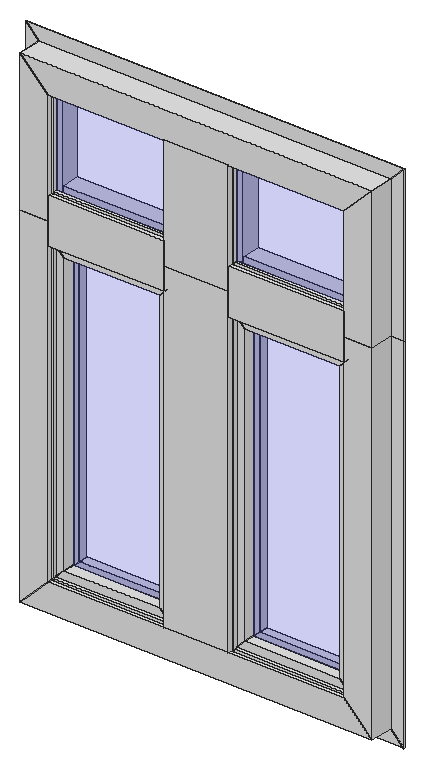
Revit family "511_CC-UT_nailfin", category Windows, host Wall, Revit 2016 (continued)
Automatic sketch dimensions
  Extrusion 26 sketch curve to Extrusion 26 sketch curve = 0.19135"
  Extrusion 26 sketch curve to plane 4 "Right" = 3 1/4"
  plane 5 "Sill" to Extrusion 26 sketch curve = 3 1/4"
  plane 18 to Extrusion 26 sketch curve = 0.406"
  plane 18 to Extrusion 26 sketch curve = 0.18315"
  Extrusion 26 sketch curve to plane 18 = 1.03971"
  plane 3 "Left" to Extrusion 27 sketch curve = 3.17911"
  plane 14 to Extrusion 27 sketch curve = 0.313"
  plane 25 to Extrusion 27 sketch curve = 0.1865"
  Extrusion 27 sketch curve to plane 26 = 0.55688"
  plane 5 "Sill" to Extrusion 27 sketch curve = 3.17911"
  plane 18 to Extrusion 27 sketch curve = 0.406"
  plane 18 to Extrusion 27 sketch curve = 0.1865"
  Extrusion 27 sketch curve to plane 18 = 1.05688"
  plane 3 "Left" to Extrusion 28 sketch curve = 2.42525"
  plane 14 to Extrusion 28 sketch curve = 0.313"
  plane 25 to Extrusion 28 sketch curve = 0.1865"
  Extrusion 28 sketch curve to plane 26 = 0.3135"
  plane 5 "Sill" to Extrusion 28 sketch curve = 2.42525"
  plane 18 to Extrusion 28 sketch curve = 0.406"
  plane 18 to Extrusion 28 sketch curve = 0.1865"
  Extrusion 28 sketch curve to plane 18 = 0.8135"
  plane 3 "Left" to Extrusion 29 sketch curve = 2.82654"
  plane 14 to Extrusion 29 sketch curve = 0.313"
  plane 25 to Extrusion 29 sketch curve = 0.1865"
  Extrusion 29 sketch curve to plane 26 = 0.42889"
  plane 21 to Extrusion 29 sketch curve = 1.64689"
  plane 21 to Extrusion 29 sketch curve = 0.5315"
  Extrusion 29 sketch curve to Extrusion 29 sketch curve = 0.2195"
  Extrusion 29 sketch curve to plane 6 "Head" = 2.82654"
  plane 3 "Left" to Extrusion 30 sketch curve = 2.83647"
  plane 14 to Extrusion 30 sketch curve = 0.313"
  plane 25 to Extrusion 30 sketch curve = 0.1865"
  Extrusion 30 sketch curve to plane 26 = 0.19352"
  plane 21 to Extrusion 30 sketch curve = 1.41152"
  plane 21 to Extrusion 30 sketch curve = 0.5315"
  Extrusion 30 sketch curve to Extrusion 30 sketch curve = 0.2195"
  Extrusion 30 sketch curve to plane 6 "Head" = 2.83647"
  plane 29 to Extrusion 31 sketch curve = 0.41202"
  Extrusion 31 sketch curve to plane 24 = 0.1855"
  Extrusion 31 sketch curve to Extrusion 31 sketch curve = 0.188"
  Extrusion 31 sketch curve to plane 4 "Right" = 1.71815"
  plane 21 to Extrusion 31 sketch curve = 1.63002"
  plane 21 to Extrusion 31 sketch curve = 0.5315"
  Extrusion 31 sketch curve to Extrusion 31 sketch curve = 0.2195"
  Extrusion 31 sketch curve to plane 6 "Head" = 1.71815"
  plane 29 to Extrusion 32 sketch curve = 0.39638"
  Extrusion 32 sketch curve to plane 24 = 0.18415"
  Extrusion 32 sketch curve to Extrusion 32 sketch curve = 0.18935"
  Extrusion 32 sketch curve to plane 4 "Right" = 2.72703"
  plane 21 to Extrusion 32 sketch curve = 1.61438"
  plane 21 to Extrusion 32 sketch curve = 0.53285"
  Extrusion 32 sketch curve to Extrusion 32 sketch curve = 0.22085"
  Extrusion 32 sketch curve to plane 6 "Head" = 2.72703"
  Extrusion 40 sketch curve to Extrusion 40 sketch curve = 0.075"
  plane 30 "Front of glass" to Extrusion 40 sketch curve = 0.59594"
  Extrusion 40 sketch curve to Extrusion 40 sketch curve = 0.28406"
  Extrusion 40 sketch curve to plane 3 "Left" = 0.02"
  Extrusion 40 sketch curve to Extrusion 40 sketch curve = 0.04289"
  Extrusion 40 sketch curve to Extrusion 40 sketch curve = 0.14511"
  Extrusion 40 sketch curve to plane 3 "Left" = 0.56819"
  Extrusion 40 sketch curve to Extrusion 40 sketch curve = 1/8"
  plane 25 to Extrusion 40 sketch curve = 0.1865"  (x2)
  Extrusion 40 sketch curve to host wall = 0.68"
  Extrusion 40 sketch curve to Extrusion 40 sketch curve = 0.2505"
  plane 3 "Left" to Extrusion 40 sketch curve = 0.02"
  Extrusion 40 sketch curve to Extrusion 40 sketch curve = 0.08391"
  Extrusion 42 sketch curve to Extrusion 42 sketch curve = 0.075"
  Extrusion 42 sketch curve to plane 24 = 0.18415"  (x2)
  plane 30 "Front of glass" to Extrusion 42 sketch curve = 0.59594"
  Extrusion 42 sketch curve to Extrusion 42 sketch curve = 0.28406"
  plane 4 "Right" to Extrusion 42 sketch curve = 0.02"
  Extrusion 42 sketch curve to Extrusion 42 sketch curve = 0.02856"
  Extrusion 42 sketch curve to plane 4 "Right" = 0.02"
  Extrusion 42 sketch curve to Extrusion 42 sketch curve = 0.15944"
  plane 4 "Right" to Extrusion 42 sketch curve = 0.56819"
  Extrusion 42 sketch curve to Extrusion 42 sketch curve = 1/8"
  Extrusion 42 sketch curve to host wall = 0.68"
  Extrusion 42 sketch curve to Extrusion 42 sketch curve = 0.2505"
  Extrusion 42 sketch curve to Extrusion 42 sketch curve = 0.08391"
  Extrusion 43 sketch curve to plane 30 "Front of glass" = 0"
  Extrusion 43 sketch curve to Extrusion 43 sketch curve = 3/8"
  Extrusion 43 sketch curve to Extrusion 43 sketch curve = 0.3"
  Extrusion 43 sketch curve to Extrusion 43 sketch curve = 0.075"
  plane 30 "Front of glass" to Extrusion 43 sketch curve = 0.03797"
  Extrusion 43 sketch curve to Extrusion 43 sketch curve = 0.74004"
  plane 30 "Front of glass" to Extrusion 43 sketch curve = 0.818"
  Extrusion 43 sketch curve to Extrusion 43 sketch curve = 0.062"
  Extrusion 43 sketch curve to Extrusion 43 sketch curve = 0.02856"
  Extrusion 43 sketch curve to plane 5 "Sill" = 0.02"
  Extrusion 43 sketch curve to Extrusion 43 sketch curve = 0.15944"
  plane 5 "Sill" to Extrusion 43 sketch curve = 0.02"
  Extrusion 43 sketch curve to Extrusion 43 sketch curve = 1/8"
  Extrusion 43 sketch curve to Extrusion 43 sketch curve = 0.54819"
  Extrusion 43 sketch curve to Extrusion 43 sketch curve = 0.05259"
  plane 18 to Extrusion 43 sketch curve = 0.218"
  plane 18 to Extrusion 43 sketch curve = 1/8"
  Extrusion 43 sketch curve to plane 18 = 0.43809"
  Extrusion 43 sketch curve to Extrusion 43 sketch curve = 0.02423"
  Extrusion 43 sketch curve to plane 18 = 1/2"
  Extrusion 44 sketch curve to plane 30 "Front of glass" = 0"
  Extrusion 44 sketch curve to Extrusion 44 sketch curve = 3/8"  (x2)
  Extrusion 44 sketch curve to Extrusion 44 sketch curve = 0.2505"
  Extrusion 44 sketch curve to Extrusion 44 sketch curve = 0.3"
  Extrusion 44 sketch curve to host wall = 0.4875"
  plane 30 "Front of glass" to Extrusion 44 sketch curve = 0.038"
  plane 30 "Front of glass" to Extrusion 44 sketch curve = 0.59594"
  Extrusion 44 sketch curve to plane 19 = 1/8"
  plane 30 "Front of glass" to Extrusion 44 sketch curve = 0.77801"
  Extrusion 44 sketch curve to plane 10 "HBS" = 0.18189"
  Extrusion 44 sketch curve to Extrusion 44 sketch curve = 0.22206"
  plane 10 "HBS" to Extrusion 44 sketch curve = 0.14043"
  Extrusion 44 sketch curve to Extrusion 44 sketch curve = 0.295"
  plane 19 to Extrusion 44 sketch curve = 0.438"
  Extrusion 44 sketch curve to Extrusion 44 sketch curve = 0.0243"
  plane 19 to Extrusion 44 sketch curve = 1/2"
  Extrusion 44 sketch curve to Extrusion 44 sketch curve = 0.188"  (x2)
  plane 10 "HBS" to Extrusion 44 sketch curve = 0.2151"
  Extrusion 44 sketch curve to plane 20 = 0.50535"
  Extrusion 45 sketch curve to host wall = 0"
  Extrusion 45 sketch curve to Extrusion 45 sketch curve = 3/8"
  Extrusion 45 sketch curve to Extrusion 45 sketch curve = 0.2505"
  Extrusion 45 sketch curve to Extrusion 45 sketch curve = 0.7445"
  host wall to Extrusion 45 sketch curve = 0.075"
  plane 30 "Front of glass" to Extrusion 45 sketch curve = 0.59587"
  Extrusion 45 sketch curve to Extrusion 45 sketch curve = 0.28413"
  Extrusion 45 sketch curve to Extrusion 45 sketch curve = 0.03464"
  plane 6 "Head" to Extrusion 45 sketch curve = 0.02"
  Extrusion 45 sketch curve to Extrusion 45 sketch curve = 0.15336"
  Extrusion 45 sketch curve to plane 6 "Head" = 0.02"
  Extrusion 45 sketch curve to Extrusion 45 sketch curve = 1/8"
  Extrusion 45 sketch curve to Extrusion 45 sketch curve = 0.188"
  plane 21 to Extrusion 45 sketch curve = 0.50321"
  plane 6 "Head" to Extrusion 45 sketch curve = 0.65211"
  Extrusion 45 sketch curve to Extrusion 45 sketch curve = 0.54819"
  plane 28 to curve 34 = 0"
  plane 27 to curve 33 = 0"
  plane 27 to curve 32 = 0"
  plane 28 to curve 35 = 0"
  curve 40 to curve 42 = 2 1/2"
  curve 41 to curve 42 = 2 1/2"
  curve 41 to curve 40 = 2 1/2"
  curve 42 to curve 40 = 2 1/2"
  curve 36 to curve 43 = 1 1/2"
  curve 44 to curve 36 = 2 1/2"
  curve 49 to curve 51 = 2 1/2"
  curve 50 to curve 49 = 2 1/2"
  curve 49 to curve 51 = 0"
  curve 51 to curve 49 = 2 1/2"
  curve 45 to curve 52 = 1 1/2"
  curve 53 to curve 45 = 2 1/2"
  plane 27 to curve 56 = 0"
  curve 57 to plane 27 = 0"
  plane 28 to curve 55 = 0"
  curve 54 to plane 28 = 0"
  curve 58 to curve 62 = 2 1/2"
  curve 63 to curve 58 = 2"
  curve 66 to curve 65 = 0"
  curve 67 to curve 71 = 2 1/2"
  curve 72 to curve 70 = 2"
  curve 75 to curve 74 = 0"
  Extrusion 41 sketch curve to Extrusion 41 sketch curve = 3/8"  (x2)
  plane 22 to Extrusion 41 sketch curve = 0.18888"
  Extrusion 41 sketch curve to Extrusion 41 sketch curve = 0.2505"  (x2)
  Extrusion 41 sketch curve to plane 23 = 0.18177"  (x2)
  plane 30 "Front of glass" to Extrusion 41 sketch curve = 0.59594"  (x2)
  plane 22 to Extrusion 41 sketch curve = 0.18553"
  Extrusion 41 sketch curve to Extrusion 41 sketch curve = 0.59706"
  Extrusion 41 sketch curve to plane 2 "Center (Left/Right)" = 1.0271"
  Extrusion 41 sketch curve to Extrusion 41 sketch curve = 0.08391"  (x2)
  Extrusion 41 sketch curve to host wall = 0.68"  (x2)
  Extrusion 40 sketch curve to Extrusion 40 sketch curve = 0.6255"
  Extrusion 42 sketch curve to plane 17 = 0.02"
  Extrusion 42 sketch curve to Extrusion 42 sketch curve = 0.7445"
  Extrusion 2 sketch curve to host wall = 0.4875"  (x2)
  Extrusion 1 sketch curve to host wall = 0.4875"
  Extrusion 3 sketch curve to plane 30 "Front of glass" = 0"
  Extrusion 3 sketch curve to plane 29 = 0"
  plane 30 "Front of glass" to Extrusion 3 sketch curve = 0.038"
  Extrusion 3 sketch curve to plane 24 = 0.09637"
  plane 30 "Front of glass" to Extrusion 3 sketch curve = 0.77801"
  Extrusion 3 sketch curve to plane 24 = 0.124"
  Extrusion 3 sketch curve to Extrusion 3 sketch curve = 0.03999"
  Extrusion 3 sketch curve to Extrusion 3 sketch curve = 0.062"
  plane 4 "Right" to Extrusion 3 sketch curve = 0.02"
  Extrusion 3 sketch curve to Extrusion 3 sketch curve = 0.03464"
  Extrusion 3 sketch curve to plane 4 "Right" = 0.02"
  Extrusion 3 sketch curve to Extrusion 3 sketch curve = 0.15336"
  plane 4 "Right" to Extrusion 3 sketch curve = 0.56819"
  Extrusion 3 sketch curve to Extrusion 3 sketch curve = 3/8"
  host wall to Extrusion 3 sketch curve = 0.075"
  Extrusion 3 sketch curve to plane 24 = 0.1855"
  Extrusion 3 sketch curve to Extrusion 3 sketch curve = 0.675"
  Extrusion 3 sketch curve to Extrusion 3 sketch curve = 0.3"
  Extrusion 3 sketch curve to plane 29 = 0.0377"
  Extrusion 3 sketch curve to plane 29 = 0.062"
  Extrusion 3 sketch curve to Extrusion 3 sketch curve = 0.0527"
  Extrusion 3 sketch curve to Extrusion 3 sketch curve = 0.7445"
  Extrusion 43 sketch curve to host wall = 0.4875"
  Extrusion 44 sketch curve to Extrusion 44 sketch curve = 0.7445"
  Extrusion 50 sketch curve to Extrusion 50 sketch curve = 0.7445"
  Extrusion 49 sketch curve to plane 30 "Front of glass" = 0"
  Extrusion 48 sketch curve to plane 30 "Front of glass" = 0"
  Extrusion 47 sketch curve to Extrusion 47 sketch curve = 0.7445"
  Extrusion 47 sketch curve to host wall = 0.68"
Types (60): name | VBS | MLW3 | MLH | Interior Color | Height | HBS | Exterior Color | Width | CH
  (no name) | 15" | 1 1/2" | 15" | White | 42" | 12" | White | 30" | 30"
  36x48 | 18" | 2 1/4" | 15" | none | 48" | 18" | none | 36" | 60"
  72x96Max | 36" | 4 1/2" | 30" | none | 96" | 36" | none | 72" | 60"
  27x31.75Min | 13 1/2" | 1 1/2" | 9 7/8" | none | 31 3/4" | 12" | none | 27" | 60"
  48x60 | 24" | 2 1/4" | 21" | none | 60" | 18" | none | 48" | 42"
  60x72 | 30" | 2 1/4" | 27" | none | 72" | 18" | none | 60" | 54"
  30x36 | 15" | 1 1/2" | 12" | none | 36" | 12" | none | 30" | 60"
  30x42 | 15" | 1 1/2" | 15" | White | 42" | 12" | White | 30" | 30"
  30x48 | 15" | 1 1/2" | 18" | none | 48" | 12" | none | 30" | 60"
  30x54 | 15" | 2 1/4" | 18" | none | 54" | 18" | none | 30" | 60"
  30x60 | 15" | 2 1/4" | 21" | none | 60" | 18" | none | 30" | 60"
  30x66 | 15" | 2 1/4" | 24" | none | 66" | 18" | none | 30" | 60"
  36x36 | 18" | 1 1/2" | 12" | none | 36" | 12" | none | 36" | 60"
  36x42 | 18" | 1 1/2" | 15" | none | 42" | 12" | none | 36" | 60"
  36x54 | 18" | 2 1/4" | 18" | none | 54" | 18" | none | 36" | 60"
  36x60 | 18" | 2 1/4" | 21" | none | 60" | 18" | none | 36" | 60"
  36x66 | 18" | 2 1/4" | 24" | none | 66" | 18" | none | 36" | 60"
  36x72 | 18" | 2 1/4" | 27" | none | 72" | 18" | none | 36" | 60"
  42x36 | 21" | 1 1/2" | 12" | none | 36" | 12" | none | 42" | 60"
  42x42 | 21" | 1 1/2" | 15" | none | 42" | 12" | none | 42" | 60"
  42x48 | 21" | 1 1/2" | 18" | none | 48" | 12" | none | 42" | 60"
  42x54 | 21" | 2 1/4" | 18" | none | 54" | 18" | none | 42" | 60"
  42x60 | 21" | 2 1/4" | 21" | none | 60" | 18" | none | 42" | 60"
  42x66 | 21" | 2 1/4" | 24" | none | 66" | 18" | none | 42" | 60"
  42x72 | 21" | 2 1/4" | 27" | none | 72" | 18" | none | 42" | 60"
  42x78 | 21" | 2 1/4" | 30" | none | 78" | 18" | none | 42" | 60"
  48x42 | 24" | 1 1/2" | 15" | none | 42" | 12" | none | 48" | 30"
  48x48 | 24" | 1 1/2" | 18" | none | 48" | 12" | none | 48" | 36"
  48x54 | 24" | 1 1/2" | 21" | none | 54" | 12" | none | 48" | 42"
  48x66 | 24" | 2 1/4" | 24" | none | 66" | 18" | none | 48" | 48"
  48x72 | 24" | 2 1/4" | 27" | none | 72" | 18" | none | 48" | 54"
  48x78 | 24" | 2 1/4" | 30" | none | 78" | 18" | none | 48" | 60"
  48x84 | 24" | 2 1/4" | 33" | none | 84" | 18" | none | 48" | 66"
  54x48 | 27" | 1 1/2" | 18" | none | 48" | 12" | none | 54" | 36"
  54x54 | 27" | 1 1/2" | 21" | none | 54" | 12" | none | 54" | 42"
  54x60 | 27" | 1 1/2" | 24" | none | 60" | 12" | none | 54" | 48"
  54x66 | 27" | 2 1/4" | 24" | none | 66" | 18" | none | 54" | 48"
  54x72 | 27" | 2 1/4" | 27" | none | 72" | 18" | none | 54" | 54"
  54x78 | 27" | 2 1/4" | 30" | none | 78" | 18" | none | 54" | 60"
  54x84 | 27" | 2 1/4" | 33" | none | 84" | 18" | none | 54" | 66"
  54x90 | 27" | 2 1/4" | 36" | none | 90" | 18" | none | 54" | 72"
  60x54 | 30" | 1 1/2" | 21" | none | 54" | 12" | none | 60" | 42"
  60x60 | 30" | 1 1/2" | 24" | none | 60" | 12" | none | 60" | 48"
  60x66 | 30" | 2 1/4" | 24" | none | 66" | 18" | none | 60" | 48"
  60x78 | 30" | 2 1/4" | 30" | none | 78" | 18" | none | 60" | 60"
  60x84 | 30" | 2 1/4" | 33" | none | 84" | 18" | none | 60" | 66"
  60x90 | 30" | 2 1/4" | 36" | none | 90" | 18" | none | 60" | 72"
  60x96 | 30" | 3" | 36" | none | 96" | 24" | none | 60" | 72"
  66x60 | 33" | 1 1/2" | 24" | none | 60" | 12" | none | 66" | 48"
  66x66 | 33" | 1 1/2" | 27" | none | 66" | 12" | none | 66" | 54"
  66x72 | 33" | 2 1/4" | 27" | none | 72" | 18" | none | 66" | 54"
  66x78 | 33" | 2 1/4" | 30" | none | 78" | 18" | none | 66" | 60"
  66x84 | 33" | 3" | 30" | none | 84" | 24" | none | 66" | 60"
  66x90 | 33" | 3 3/4" | 30" | none | 90" | 30" | none | 66" | 60"
  66x96 | 33" | 4 1/2" | 30" | none | 96" | 36" | none | 66" | 60"
  72x66 | 36" | 1 1/2" | 27" | none | 66" | 12" | none | 72" | 54"
  72x72 | 36" | 2 1/4" | 27" | none | 72" | 18" | none | 72" | 54"
  72x78 | 36" | 2 1/4" | 30" | none | 78" | 18" | none | 72" | 60"
  72x84 | 36" | 3" | 30" | none | 84" | 24" | none | 72" | 60"
  72x90 | 36" | 3 3/4" | 30" | none | 90" | 30" | none | 72" | 60"
